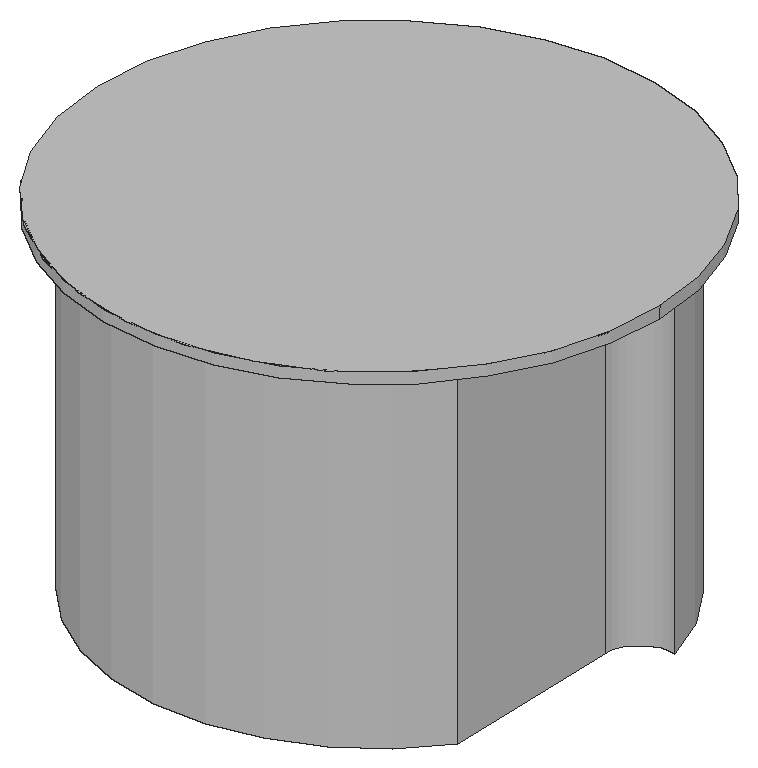
Revit family "Electronics_Desono_Biamp_Two-Way-Ceiling-Loudspeaker_CM60DTD", category Communication Devices, host Face, Revit 2020
Family settings
  Host = Face
  Maintain Annotation Orientation = No
  Round Connector Dimension = Use Diameter
  Part Type = Normal
  OmniClass Number = 23.85.10.11.14.14.14
  OmniClass Title = Loudspeakers
  Cut with Voids When Loaded = No
  Shared = No
  Room Calculation Point = No
Parameters (values of type "CM60DTD")
  Weight = 8.80 lbf  # constant formula
  URL = "https://www.biamp.com/"
  Transformer = "70V: 60W, 30W, 15W, 7.5W, 3.75W; 100V: 60W, 30W, 15W, 7.5W"  # constant formula
  Transducers = "LF 1 x 6.5 (165 mm) coated paper cone; HF 1 x 1 (25 mm) soft dome"  # constant formula
  Tile Bridge [instance] = no
  Shipping Weight = 11.60 lbf  # constant formula
  Safety Features = "2 hang points"  # constant formula
  Recommended Amplifers = "60W - 120W @ 16Ω (31V - 44V)"  # constant formula
  Protection = "3-step self-resetting protection"  # constant formula
  Product data url = "https://www.bimobject.com/biamp/product/cm60dtd_desono-ceiling"
  Product Page URL = "https://www.biamp.com/products/product-families/desono/ceiling-loudspeakers#cm60dtd"
  Product Documentation Link = "https://downloads.biamp.com/assets/docs/default-source/data-sheets/biamp_data_sheet_desono_cm60dtd_oct21.pdf"
  Operating Range (-10dB) = "75 Hz to 22 kHz"  # constant formula
  Operating Mode = "Passive"  # constant formula
  Operating Environment = "Indoor"  # constant formula
  Nominal Sensitivity @ 1m = "1W - 86dB;2.83V - 83dB"  # constant formula
  Nominal Maximum SPL @ 1m = "Peak - 110dB; Continuous - 104dB"  # constant formula
  Nominal Beamwidth  (H x V) = "150° conical"  # constant formula
  Nom ceiling thikness [instance] = if(or(Ceiling Thickness < 0' 0 1/4", Ceiling Thickness = 0' 0 1/4"), 0' 0 1/4", if(and(Ceiling Thickness > 0' 0 1/4", Ceiling Thickness < 0' 6"), Ceiling Thickness, if(or(Ceiling Thickness > 0' 6", Ceiling Thickness = 0' 6"), 0' 6", 0' 0")))  # 0' - 0 1/4"
  Mounting Provisions = "2 mounting clamps with grip range of 0.2 - 2.6 (3 - 65 mm);Cover plate with 0.75 (22 mm) NPT knockout for conduit connectors"  # constant formula
  Model = "CM60DTD"  # constant formula
  Manufacturer = "Biamp"  # constant formula
  Input Connection = "(1) 4-way Euroblock connector with permanent pass-through"  # constant formula
  Housing Material = Biamp - Plastic - Gray
  Grill Material = Biamp - Plastic - Gray(Grid)
  Diameter = 0' - 10.15748"  # constant formula
  Description = "Desono™ CM60DTD Two-Way 6.5 Ceiling Loudspeaker"  # constant formula
  Depth = 0' - 6.1811"  # constant formula
  Default Elevation = 4' - 0"
  Cutout Diameter = "9.1 (232 mm)"  # constant formula
  Continuous Power Handling Nominal Impedance = "31V 60W @ 16Ω (240W peak)"  # constant formula
  Connector Description = "4-way Euroblock; Low impedance 16 ohms, 70/100V operation"  # constant formula
  Compliance = "ETL listed to comply with UL 1480A and UL 2043;Certifed to CSA C22.2#62368-1;Suitable for use in air handling spaces per NFPA 70, NFPA 90;Conforms with City of Chicago Codes"  # constant formula
  Ceiling Thickness [instance] = 0' - 0 1/4"
Reference planes (in)
  plane 1 "Center (Front/Back)": y = 0
  plane 2: z = 0
  plane 3 "Center (Left/Right)": x = 0
Forms (in)
  Extrusion 1, solid, material "Biamp - Plastic - Gray(Grid)" <- "Grill Material"
    sketch origin (0, 0, 0) x (1, 0, 0) y (0, 1, 0)
      loop
        circle (0, 0) r 5.07874
    from 0 to 0.19685
  Extrusion 2, solid, material "Biamp - Plastic - Gray" <- "Housing Material", detail levels coarse
    sketch origin (0, 0, 0) x (1, 0, 0) y (0, 1, 0)
      loop
        circle (0, 0) r 4.56693
    from -6.1811 to 0
  Extrusion 3, void
    sketch origin (0, 0, 0) x (1, 0, 0) y (0, 1, 0)
      loop
        line (-0.98425, -0.29528) -> (0.98425, -0.29528) -> (0.98425, 0.29528) -> (-0.98425, 0.29528) -> (-0.98425, -0.29528)
    from -6.77968 to -6.13345
  Extrusion 4, void
    sketch origin (0, 0, 0) x (1, 0, 0) y (0, 1, 0)
      loop
        circle (0, 0) r 4.56693
    from -6.1811 to 0
  Extrusion 5, solid, material "Biamp - Plastic - Gray" <- "Housing Material", detail levels medium+fine
    sketch origin (0, 0, 0) x (1, 0, 0) y (0, 1, 0)
      loop
        line (3.63308, -2.76723) -> (3.63308, 0.56249)
        arc (3.63308, 0.56249) -> (3.87569, 1.05688) -> (4.41519, 1.16746) r 0.62503
        arc (4.41519, 1.16746) -> (0.90484, 4.47639) -> (-3.61511, 2.79067) r 4.56693
        line (-3.61511, 2.79067) -> (-3.61511, -0.56249)
        arc (-3.61511, -0.56249) -> (-3.86573, -1.06297) -> (-4.4166, -1.16209) r 0.62503
        arc (-4.4166, -1.16209) -> (-0.89308, -4.47875) -> (3.63308, -2.76723) r 4.56693
    from -6.1811 to 0
Cuts and joins
  Extrusion 3 cuts Extrusion 1
  Extrusion 3 cuts Extrusion 2
  Extrusion 3 cuts Extrusion 5
Lines and regions (in)
  Masking region 1
    outline origin (0, 0, 0) x (1, 0, 0) y (0, 1, 0)
      loop
        circle (0, 0) r 5.07874
  Masking region 2
    outline origin (0, 0, 0) x (1, 0, 0) y (0, 0, 1)
      loop
        line (-5.07924, 0.19685) -> (-5.07924, 0) -> (5.07924, 0) -> (5.07924, 0.19685) -> (-5.07924, 0.19685)
  Masking region 3
    outline origin (0, 0, 0) x (1, 0, 0) y (0, 0, 1)
      loop
        line (-4.58179, 0) -> (-4.58179, -6.1811) -> (4.57677, -6.1811) -> (4.57677, 0) -> (-4.58179, 0)
  reference lines
    curve 1: line (-47.09134, 0, -0.25) -> (-43.84134, 0, -0.25)
Dimensions and locks (in)
  "Nom ceiling thikness": plane 2 to curve 1
  aligned and locked: plane 2 to host face
  aligned and locked: level to host face
Automatic sketch dimensions
  host sketch curve to host sketch curve = 8' - 0"  (x2)
  plane 1 "Center (Front/Back)" to Extrusion 1 sketch curve = 0' - 0"
  Extrusion 1 sketch curve to plane 3 "Center (Left/Right)" = 0' - 0"
  plane 1 "Center (Front/Back)" to Extrusion 2 sketch curve = 0' - 0"
  Extrusion 2 sketch curve to plane 3 "Center (Left/Right)" = 0' - 0"
  Extrusion 3 sketch curve to plane 1 "Center (Front/Back)" = 0' - 0.29528"
  Extrusion 3 sketch curve to plane 3 "Center (Left/Right)" = 0' - 0.98425"
  plane 3 "Center (Left/Right)" to Extrusion 3 sketch curve = 0' - 0.98425"
  plane 1 "Center (Front/Back)" to Extrusion 3 sketch curve = 0' - 0.29528"
  plane 1 "Center (Front/Back)" to Extrusion 4 sketch curve = 0' - 0"
  Extrusion 4 sketch curve to plane 3 "Center (Left/Right)" = 0' - 0"
  Extrusion 5 sketch curve to Extrusion 5 sketch curve = 0' - 0"  (x2)
  plane 1 "Center (Front/Back)" to Extrusion 5 sketch curve = 0' - 0"
  Extrusion 5 sketch curve to plane 3 "Center (Left/Right)" = 0' - 0"
  plane 1 "Center (Front/Back)" to Extrusion 5 sketch curve = 0' - 0 9/16"
  Extrusion 5 sketch curve to plane 3 "Center (Left/Right)" = 0' - 3.61511"
  Extrusion 5 sketch curve to Extrusion 5 sketch curve = 0' - 0.62503"  (x2)
  Extrusion 5 sketch curve to plane 1 "Center (Front/Back)" = 0' - 0 9/16"
  plane 3 "Center (Left/Right)" to Extrusion 5 sketch curve = 0' - 3.63308"
  plane 1 "Center (Front/Back)" to Extrusion 5 sketch curve = 0' - 2.76723"
  Extrusion 5 sketch curve to plane 1 "Center (Front/Back)" = 0' - 2.79067"
  plane 1 "Center (Front/Back)" to Masking region 1 sketch curve = 0' - 0"
  Masking region 1 sketch curve to plane 3 "Center (Left/Right)" = 0' - 0"
  Masking region 2 sketch curve to level = 0' - 0"
  Masking region 2 sketch curve to plane 3 "Center (Left/Right)" = 0' - 5.07924"
  plane 3 "Center (Left/Right)" to Masking region 2 sketch curve = 0' - 5.07924"
  Masking region 2 sketch curve to Masking region 2 sketch curve = 0' - 0.19685"
  Masking region 3 sketch curve to level = 0' - 0"
  Masking region 3 sketch curve to plane 3 "Center (Left/Right)" = 0' - 4.58179"
  plane 3 "Center (Left/Right)" to Masking region 3 sketch curve = 0' - 4.57677"
  Masking region 3 sketch curve to level = 0' - 6.1811"
  curve 1 to plane 3 "Center (Left/Right)" = 3' - 11.09134"
  curve 1 to curve 1 = 0' - 3 1/4"
  radius of Extrusion 1 sketch curve = 0' - 5.07874"
  radius of Extrusion 2 sketch curve = 0' - 4.56693"
  radius of Extrusion 4 sketch curve = 0' - 4.56693"
  radius of Masking region 1 sketch curve = 0' - 5.07874"
Nested families (in)
  nested 1: "Tile rail" at (-4.8821, 0, -0.25) x (1, 0, 0) z (0, 0, -1), visible <- "Tile Bridge", type "Tile rail"
    with Housing Material Biamp - Metal - Silver
  nested 2: "Tile rail" at (4.8821, 0, -0.25) x (1, 0, 0) z (0, 0, -1), visible <- "Tile Bridge", type "Tile rail"
    with Housing Material Biamp - Metal - Silver
  nested 3: "Tile rail spaser" at (0, -6.34252, -0.30906) x (0, -1, 0) z (0, 0, -1), visible <- "Tile Bridge", type "Tile rail spaser"
    with Housing Material Biamp - Metal - Silver
  nested 4: "Tile rail spaser" at (0, 6.34252, -0.30906) x (0, -1, 0) z (0, 0, -1), visible <- "Tile Bridge", type "Tile rail spaser"
    with Housing Material Biamp - Metal - Silver
Connectors (in)
  electrical at (0, 0, -6.13345), driven by "Connector Description"
    settings: on cut or joined group of Extrusion 2, Extrusion 3, index 1, voltage 0 V, apparent load 0 VA, apparent load phase1 0 VA, apparent load phase2 0 VA, apparent load phase3 0 VA, power factor 1, load classification "Other", number of poles 1, system type 5, power factor state 1, is connector primary yes, connector utility no, sub classification motor no, connector description "4-way Euroblock; Low impedance 16 ohms, 70/100V operation"
Definition of nested family "Tile rail"
  Parameters (values of type "Tile rail")
    Housing Material [instance] = none
    Height = 0' - 0"
    Default Elevation = 4' - 0"
  Reference planes (in)
    plane 1 "Center (Front/Back)": y = 0
    plane 2: z = 0
    plane 3 "Center (Left/Right)": x = 0
  Forms (in)
    Extrusion 1, solid, material <- "Housing Material"
      sketch origin (0, 0, 0) x (0, 1, 0) y (0, 0, 1)
        loop
          line (11.77165, 0) -> (11.77165, 1.24632)
          arc (11.77165, 1.24632) -> (11.78715, 1.28372) -> (11.82455, 1.29921) r 0.0529
          line (11.82455, 1.29921) -> (12.21564, 1.29921)
          arc (12.21564, 1.29921) -> (12.24968, 1.28511) -> (12.26378, 1.25107) r 0.04814
          line (12.26378, 1.25107) -> (12.26378, 1.05307) -> (12.34252, 1.05307) -> (12.34252, 1.32954)
          arc (12.34252, 1.32954) -> (12.32834, 1.36377) -> (12.29411, 1.37795) r 0.04841
          line (12.29411, 1.37795) -> (11.74385, 1.37795)
          arc (11.74385, 1.37795) -> (11.70783, 1.36303) -> (11.69291, 1.32702) r 0.05093
          line (11.69291, 1.32702) -> (11.69291, 0) -> (11.77165, 0)
        loop
          line (-11.77165, 0) -> (-11.69291, 0) -> (-11.69291, 1.32702)
          arc (-11.69291, 1.32702) -> (-11.70783, 1.36303) -> (-11.74385, 1.37795) r 0.05093
          line (-11.74385, 1.37795) -> (-12.29411, 1.37795)
          arc (-12.29411, 1.37795) -> (-12.32834, 1.36377) -> (-12.34252, 1.32954) r 0.04841
          line (-12.34252, 1.32954) -> (-12.34252, 1.05307) -> (-12.26378, 1.05307) -> (-12.26378, 1.25107)
          arc (-12.26378, 1.25107) -> (-12.24968, 1.28511) -> (-12.21564, 1.29921) r 0.04814
          line (-12.21564, 1.29921) -> (-11.82455, 1.29921)
          arc (-11.82455, 1.29921) -> (-11.78715, 1.28372) -> (-11.77165, 1.24632) r 0.0529
          line (-11.77165, 1.24632) -> (-11.77165, 0)
      from -0.7874 to 0.7874
    Extrusion 2, solid, material <- "Housing Material"
      sketch origin (0, 0, 0) x (1, 0, 0) y (0, 0, 1)
        loop
          line (-0.29925, 0) -> (0.29925, 0) -> (0.29925, 0.54352) -> (0.2402, 0.54352) -> (0.2402, 0.05906) -> (-0.2402, 0.05906) -> (-0.2402, 0.54352) -> (-0.29925, 0.54352) -> (-0.29925, 0)
      from -11.69291 to 11.69291
  Lines and regions (in)
    Masking region 1
      outline origin (0, 0, 0) x (1, 0, 0) y (0, 1, 0)
        loop
          line (-0.7874, 12.34252) -> (-0.7874, 11.69291) -> (0.7874, 11.69291) -> (0.7874, 12.34252) -> (-0.7874, 12.34252)
        loop
          line (-0.7874, -11.69291) -> (-0.7874, -12.34252) -> (0.7874, -12.34252) -> (0.7874, -11.69291) -> (-0.7874, -11.69291)
    Masking region 2
      outline origin (0, 0, 0) x (1, 0, 0) y (0, 1, 0)
        loop
          line (-0.29925, 11.69291) -> (-0.29925, -11.69291) -> (-0.2402, -11.69291) -> (-0.2402, 11.69291) -> (-0.29925, 11.69291)
        loop
          line (0.29925, 11.69291) -> (0.2402, 11.69291) -> (0.2402, -11.69291) -> (0.29925, -11.69291) -> (0.29925, 11.69291)
    Masking region 3
      outline origin (0, 0, 0) x (1, 0, 0) y (0, 1, 0)
        loop
          line (0.2402, -11.69291) -> (0.2402, 11.69291) -> (-0.2402, 11.69291) -> (-0.2402, -11.69291) -> (0.2402, -11.69291)
    Masking region 4
      outline origin (0, 0, 0) x (1, 0, 0) y (0, 0, 1)
        loop
          line (-0.7874, 1.37795) -> (-0.7874, 1.05307) -> (0.7874, 1.05307) -> (0.7874, 1.37795) -> (-0.7874, 1.37795)
    Masking region 5
      outline origin (0, 0, 0) x (1, 0, 0) y (0, 0, 1)
        loop
          line (-0.7874, 1.05307) -> (-0.7874, 0) -> (0.7874, 0) -> (0.7874, 1.05307) -> (-0.7874, 1.05307)
  Dimensions and locks (in)
    aligned and locked: level to plane 2
Definition of nested family "Tile rail spaser"
  Parameters (values of type "Tile rail spaser")
    Housing Material [instance] = none
    Height = 0' - 0"
    Default Elevation = 4' - 0"
  Reference planes (in)
    plane 1 "Center (Front/Back)": y = 0
    plane 2: z = 0
    plane 3 "Center (Left/Right)": x = 0
  Forms (in)
    Extrusion 1, solid, material <- "Housing Material"
      sketch origin (0, 0, 0) x (0, 1, 0) y (0, 0, 1)
        loop
          line (4.5662, 0) -> (4.5505, 0.4496)
          arc (4.5505, 0.4496) -> (4.60138, 0.50229) -> (4.65226, 0.4496) r 0.05091
          line (4.65226, 0.4496) -> (4.63656, 0) -> (4.8376, 0) -> (4.8376, 0.0315) -> (4.67705, 0.0315) -> (4.69159, 0.4479)
          arc (4.69159, 0.4479) -> (4.60138, 0.54132) -> (4.51116, 0.4479) r 0.09027
          line (4.51116, 0.4479) -> (4.52571, 0.0315) -> (-4.53801, 0.0315) -> (-4.52347, 0.4479)
          arc (-4.52347, 0.4479) -> (-4.61368, 0.54132) -> (-4.7039, 0.4479) r 0.09027
          line (-4.7039, 0.4479) -> (-4.68935, 0.0315) -> (-4.8499, 0.0315) -> (-4.8499, 0) -> (-4.64886, 0) -> (-4.66456, 0.4496)
          arc (-4.66456, 0.4496) -> (-4.61368, 0.50229) -> (-4.5628, 0.4496) r 0.05091
          line (-4.5628, 0.4496) -> (-4.5785, 0) -> (4.5662, 0)
      from -0.29528 to 0.29528
  Lines and regions (in)
    Masking region 1
      outline origin (0, 0, 0) x (1, 0, 0) y (0, 1, 0)
        loop
          line (-0.29528, 4.8376) -> (-0.29528, 4.69165) -> (0.29528, 4.69165) -> (0.29528, 4.8376) -> (-0.29528, 4.8376)
        loop
          line (-0.29528, 4.51111) -> (-0.29528, -4.53324) -> (0.29528, -4.53324) -> (0.29528, 4.51111) -> (-0.29528, 4.51111)
        loop
          line (-0.29528, -4.71625) -> (-0.29528, -4.8499) -> (0.29528, -4.8499) -> (0.29528, -4.71625) -> (-0.29528, -4.71625)
    Masking region 2
      outline origin (0, 0, 0) x (1, 0, 0) y (0, 1, 0)
        loop
          line (-0.29528, -4.53583) -> (-0.29528, -4.71625) -> (0.29528, -4.71625) -> (0.29528, -4.53583) -> (-0.29528, -4.53583)
        loop
          line (-0.29528, 4.69165) -> (-0.29528, 4.51116) -> (0.29528, 4.51116) -> (0.29528, 4.69165) -> (-0.29528, 4.69165)
    Masking region 3
      outline origin (0, 0, 0) x (1, 0, 0) y (0, 0, 1)
        loop
          line (-0.29528, 0.54132) -> (-0.29528, 0.0315) -> (0.29528, 0.0315) -> (0.29528, 0.54132) -> (-0.29528, 0.54132)
    Masking region 4
      outline origin (0, 0, 0) x (1, 0, 0) y (0, 0, 1)
        loop
          line (-0.29528, 0.0315) -> (-0.29528, 0) -> (0.29528, 0) -> (0.29528, 0.0315) -> (-0.29528, 0.0315)
  Dimensions and locks (in)
    aligned and locked: level to plane 2
